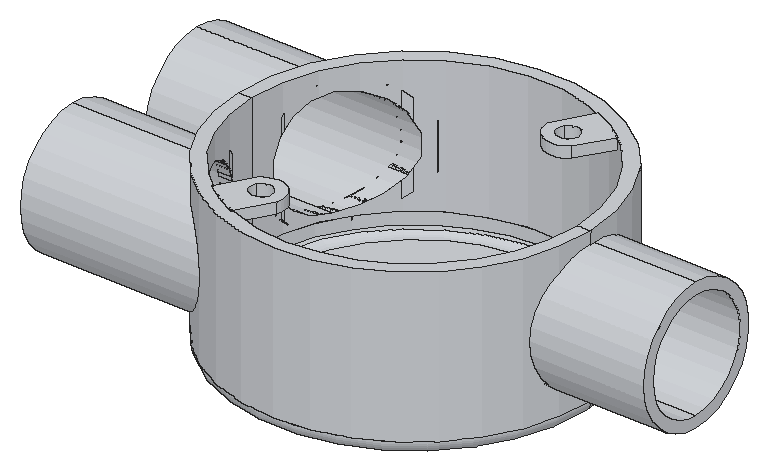
Revit family "MB7B", category Generic Models, Revit 2017
Family settings
  Can host rebar = No
  Round Connector Dimension = Use Diameter
  Part Type = Normal
  Work Plane-Based = Yes
  Always vertical = No
  Cut with Voids When Loaded = No
  Shared = No
  Room Calculation Point = No
Parameters (values of type "NBS Standard Parameters")
  Weight = "0.296Kg"
  WarrantyStartDate [instance] = "1900-12-31T23:59:59"
  WarrantyGuarantorParts = "n/a"
  WarrantyGuarantorLabor = "n/a"
  WarrantyDurationUnit = "1 year"
  WarrantyDurationParts = "n/a"
  WarrantyDurationLabor = "n/a"
  WarrantyDescription = "n/a"
  Version = "1"
  Uniclass2 = "Pr_65_70_11_20"
  TagNumber [instance] = "n/a"
  SustainabilityPerformance = "n/a"
  Size = "20mm"
  Shape = "Circular"
  SerialNumber [instance] = "n/a"
  Revision = "n/a"
  ReplacementCost = "n/a"
  ProductInformation = "www.metpro.co.uk/pdf/mb7g.pdf"
  NominalWidth = 66 mm
  NominalLength = 66 mm
  NominalHeight = 30 mm
  Name = ""
  NBSTypeID = ""
  NBSReference = "90-55-10/460"
  NBSOfficeMasterTag = ""
  NBSNote = ""
  NBSDescription = "Conduit Fittings"
  NBSCertification = ""
  ModelReference = "MB7B"
  ModelNumber = "n/a"
  Material = "Malleable Iron"
  ManufacturerURL = "www.metpro.co.uk"
  ManufacturerName = "Metpro Ltd"
  Keynote = "Compliant to LU Standard 1-085"
  InstallationDate [instance] = "1900-12-31T23:59:59"
  IfcExportType = ""
  IfcExportAs = ""
  Grade = "n/a"
  Finish = "Black"
  Features = "n/a"
  ExpectedLife = "n/a"
  DurationUnit = "year"
  Description = "MB7B  - 20mm Y Malleable Conduit Box"
  Default Elevation = 1219.2 mm
  Constituents = "n/a"
  Color = "n/a"
  CodePerformance = "n/a"
  Category = "n/a"
  BarCode [instance] = "n/a"
  BIMObjectName = "Metpro_Metprolibrary_Conduitfittings_Metalcomponent_Malleablecircularbox"
  Author = "Metpro Ltd"
  AssetType = ""
  AssetIdentifier [instance] = "n/a"
  AccessibilityPerformance = "n/a"
Reference planes
  plane 1 "Center (Front/Back)": y = 0
  plane 2: z = 0
  plane 3 "Center (Left/Right)": x = 0
Forms (mm)
  Revolve 1, solid
    sketch origin (-59.718, 21.96, -25.271) x (1, 0, 0) y (0, 0, 1)
      loop
        line (-32.5, 40.541) -> (-32.5, 12.5)
        arc (-32.5, 12.5) -> (-31.768, 10.732) -> (-30, 10) r 2.5
        line (-30, 10) -> (0, 10) -> (0, 12.541) -> (-27, 12.541)
        arc (-27, 12.541) -> (-29.121, 13.42) -> (-30, 15.541) r 3
        line (-30, 15.541) -> (-30, 40.541) -> (-32.5, 40.541)
      axis (0, 10) -> (0, 40.541)
    angle from 0 to 360
  Extrusion 2, void
    sketch origin (-59.718, 21.96, -25.271) x (0, 0, 1) y (0, -1, 0)
      loop
        circle (26.504, 14.543) r 10
      loop
        circle (26.504, -14.207) r 10
    from -49.218 to -16.007
  Extrusion 3, solid
    sketch origin (-61.218, 21.96, -24.021) x (0, 0, 1) y (0, 1, 0)
      loop
        circle (25.254, 14.207) r 10
      loop
        circle (25.254, 14.207) r 12
      loop
        circle (25.254, -14.543) r 10
      loop
        circle (25.254, -14.543) r 12
    from 14.507 to 50
  Extrusion 4, solid
    sketch origin (-59.718, 21.96, -25.271) x (0, 0, 1) y (0, -1, 0)
      loop
        circle (26.504, -0.457) r 12
      loop
        circle (26.504, -0.457) r 10
    from 28.128 to 51.5
  Extrusion 5, solid
    sketch origin (-59.618, 22.334, 15.271) x (0.5, 0.866025, 0) y (-0.866025, 0.5, 0)
      loop
        arc (-23.125, -3.889) -> (-20.062, 0) -> (-23.125, 3.889) r 4
        line (-23.125, 3.889) -> (-30.177, 3.889)
        arc (-30.177, 3.889) -> (-30.458, 0.002) -> (-30.233, -3.889) r 30
        line (-30.233, -3.889) -> (-23.125, -3.889)
      loop
        circle (-24.062, 0) r 2
    from -2 to 0
  Extrusion 6, solid
    sketch origin (-59.818, 21.586, 15.271) x (-0.5, -0.866025, 0) y (0.866025, -0.5, 0)
      loop
        arc (-23.125, -3.889) -> (-20.062, 0) -> (-23.125, 3.889) r 4
        line (-23.125, 3.889) -> (-30.161, 3.889)
        arc (-30.161, 3.889) -> (-30.414, 0) -> (-30.161, -3.889) r 30
        line (-30.161, -3.889) -> (-23.125, -3.889)
      loop
        circle (-24.062, 0) r 2
    from -2 to 0
  Extrusion 7, void
    sketch origin (-8.218, 21.96, -25.271) x (0, 0, -1) y (0, -1, 0)
      loop
        circle (-26.504, -0.457) r 10
    from 0 to 26.686
  Extrusion 8, void
    sketch origin (-59.718, 21.96, 15.271) x (-1, 0, 0) y (0, 1, 0)
      loop
        circle (0, 0) r 30
    from 0 to 27.278
Cuts and joins
  Extrusion 2, Extrusion 7, Extrusion 8 cuts Revolve 1
  Extrusion 2, Extrusion 7, Extrusion 8 cuts Extrusion 3
  Extrusion 7, Extrusion 8 cuts Extrusion 4
Dimensions and locks
  aligned and locked: level to plane 2
